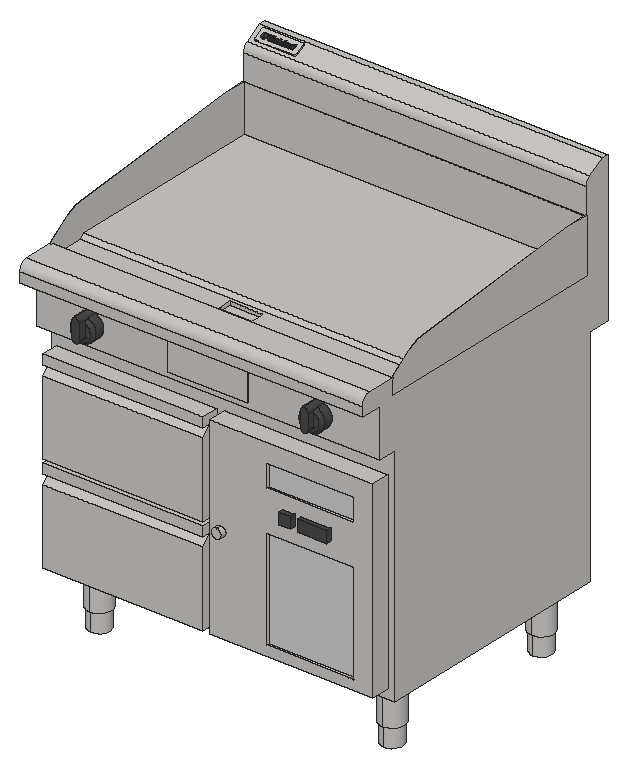
Revit family "QF_MOFFAT WALDORF_GP8900E-RB", category Specialty Equipment, Revit 2012
Parameters
  Weight in Pounds = 348.33  # constant formula
  Width [instance] = 900.00 mm  # constant formula
  Watts = 12000 W
  Volts = 415 V
  URL Cutsheet = "www.moffat.com"
  URL = "www.moffat.com"
  Type Mark [instance] = ""
  Status [instance] = ""
  Specification by User [instance] = ""
  Specification by Manufacturer = ""
  Show Logo [instance] = yes
  Show Door [instance] = no
  Show Clearance [instance] = yes
  Show Casters [instance] = no
  Serial Number = ""
  Seismic Rating = ""
  SMACNA No = ""
  Revision Code [instance] = ""
  Refrigerant Type = "R134a"
  Phase = 3
  Omniclass Number and Title = ""
  Number of Poles = 1
  NAFEM Spec ID Number = ""
  Model = "GP8900E-RB"
  Min Ckt Ampacity = 0 A
  Max Overcurrent Protection = 0 A
  Masterspec = ""
  Manufacturer = "MOFFAT WALDORF"
  Legs [instance] = not(Show Casters)  # yes
  Item Number [instance] = ""
  Installed By [instance] = ""
  Identify Quantity as Lot [instance] = yes
  Height = 1130.00 mm  # constant formula
  HP = ""
  Furnished By [instance] = ""
  Foodservice Equipment Identifier [instance] = yes
  FL Amps = 16.6 A
  Elec Conn RI Height = 0.00 mm
  Elec Conn Connection Height = 0.00 mm
  Drawer Clearance [instance] = and(Show Clearance, and(Drawer))  # yes
  Drawer [instance] = not(Show Door)  # yes
  Door Clearance [instance] = and(Show Clearance, and(Show Door))  # no
  Description = "GRIDDLE PLATE ELECTRIC ON REFRIGERATED BASE"
  Depth [instance] = 805.00 mm  # constant formula
  Cycle = 50 Hz
  Conn Plug = ""
  Conn Conduit = yes
  CSI MasterFormat = ""
  CSI Master Format = ""
  Back Splash [instance] = 215.00 mm  # constant formula
  Apparent Power = if(Phase = 3, Volts * FL Amps * 1.73, Volts * FL Amps)  # 11918 VA
Reference planes
  plane 1 "BACK": y = 0
  plane 2: z = 0
  plane 3 "LEFT": x = 0
  plane 4 "RIGHT": x = 900
  plane 5 "FRONT": y = -805
  plane 6 "TOP": z = 1130
  plane 7 "Center Y": x = 450
  plane 8 "Center X": y = -402.5
  plane 9 "Base Height": z = 150
  plane 10: z = 915
  plane 11: x = 65
  plane 12: x = 834
  plane 13: y = -625
  plane 14: x = 770
  plane 15: y = -32
  plane 16: z = 174
  plane 17: x = 617
  plane 18: z = 710
  plane 19: y = -135
Forms (mm)
  Extrusion 1, solid, material "QF_Finishes_Stainless Steel"
    sketch origin (0, 0, 0) x (0, 1, 0) y (0, 0, 1)
      loop
        line (-805, 891) -> (-805, 866) -> (-749, 866) -> (-749, 740) -> (-699, 740) -> (-699, 150) -> (-59, 150) -> (-59, 740) -> (0, 740) -> (0, 1130) -> (-16.5, 1130) -> (-58, 1106.04)
        arc (-58, 1106.04) -> (-66.785, 1097.255) -> (-70, 1085.255) r 24
        line (-70, 1085.255) -> (-70, 875) -> (-705, 875) -> (-705, 915) -> (-781, 915)
        arc (-781, 915) -> (-797.971, 907.971) -> (-805, 891) r 24
    from 0 to 900
  Revolve 2, solid, material "QF_Finishes_Stainless Steel", visible <- "Legs"
    sketch origin (834, -245, 0) x (0, 1, 0) y (0, 0, -1)
      loop
        line (78.25, -150) -> (110, -150) -> (110, 0) -> (82.5, 0) -> (82.5, -50) -> (78.25, -50) -> (78.25, -150)
      axis (110, -150) -> (110, 0)
    angle from 0 to 360
  Revolve 3, solid, material "QF_Finishes_Stainless Steel"
    sketch origin (834, -735, 0) x (0, 1, 0) y (0, 0, -1)
      loop
        line (78.25, -150) -> (110, -150) -> (110, 0) -> (82.5, 0) -> (82.5, -50) -> (78.25, -50) -> (78.25, -150)
      axis (110, -150) -> (110, 0)
    angle from 0 to 360
  Revolve 4, solid, material "QF_Finishes_Stainless Steel", visible <- "Legs"
    sketch origin (65, -245, 0) x (0, 1, 0) y (0, 0, -1)
      loop
        line (78.25, -150) -> (110, -150) -> (110, 0) -> (82.5, 0) -> (82.5, -50) -> (78.25, -50) -> (78.25, -150)
      axis (110, -150) -> (110, 0)
    angle from 0 to 360
  Revolve 5, solid, material "QF_Finishes_Stainless Steel"
    sketch origin (65, -735, 0) x (0, 1, 0) y (0, 0, -1)
      loop
        line (78.25, -150) -> (110, -150) -> (110, 0) -> (82.5, 0) -> (82.5, -50) -> (78.25, -50) -> (78.25, -150)
      axis (110, -150) -> (110, 0)
    angle from 0 to 360
  Revolve 6, solid, material "QF_Finishes_Black"
    sketch origin (150, 0, 602.373) x (0, 1, 0) y (0, 0, -1)
      loop
        line (-782, -229.5) -> (-759, -229.5) -> (-759, -202) -> (-749, -202) -> (-749, -197) -> (-793, -197) -> (-793, -223.651) -> (-782, -229.5)
      axis (-793, -197) -> (-749, -197)
    angle from 0 to 360
  Extrusion 7, solid, material "QF_Finishes_Black"
    sketch origin (288.27, 0, 602.531) x (-1, 0, 0) y (0, 0, -1)
      loop
        arc (148.269, -184.969) -> (138.269, -174.969) -> (128.269, -184.969) r 10
        line (128.269, -184.969) -> (128.269, -223.969)
        arc (128.269, -223.969) -> (138.269, -233.969) -> (148.269, -223.969) r 10
        line (148.269, -223.969) -> (148.269, -184.969)
    from 759 to 808
  Extrusion 8, solid, material "QF_Finishes_Stainless Steel"
    sketch origin (-295, -749, 866) x (0, 0, -1) y (1, 0, 0)
      loop
        line (24, 640) -> (111, 640) -> (111, 850) -> (24, 850) -> (24, 640)
    from 0 to 2.5
  Extrusion 9, solid, material "QF_Finishes_Stainless Steel"
    sketch origin (-295, -751.5, 866) x (0, 0, -1) y (1, 0, 0)
      loop
        line (31, 850) -> (24, 850) -> (24, 640) -> (31, 640) -> (31, 850)
    from 0 to 5
  Extrusion 10, solid, material "QF_Finishes_Stainless Steel"
    sketch origin (0, 0, 740) x (-1, 0, 0) y (0, 1, 0)
      loop
        circle (-770, -32) r 13.5
    from 0 to 30
  Revolve 11, solid, material "QF_Finishes_Black"
    sketch origin (750, 0, 602.373) x (0, 1, 0) y (0, 0, 1)
      loop
        line (-782, 229.5) -> (-793, 223.651) -> (-793, 197) -> (-749, 197) -> (-749, 202) -> (-759, 202) -> (-759, 229.5) -> (-782, 229.5)
      axis (-793, 197) -> (-749, 197)
    angle from 0 to 360
  Extrusion 12, solid, material "QF_Finishes_Black"
    sketch origin (611.73, 0, 602.531) x (1, 0, 0) y (0, 0, 1)
      loop
        line (148.269, 184.969) -> (148.269, 223.969)
        arc (148.269, 223.969) -> (138.269, 233.969) -> (128.269, 223.969) r 10
        line (128.269, 223.969) -> (128.269, 184.969)
        arc (128.269, 184.969) -> (138.269, 174.969) -> (148.269, 184.969) r 10
    from 759 to 808
  Extrusion 13, solid, material "QF_Finishes_Stainless Steel"
    sketch origin (0, -699, 866) x (0, 0, -1) y (1, 0, 0)
      loop
        line (188, 881) -> (188, 453) -> (692, 453) -> (692, 881) -> (188, 881)
      loop
        line (667, 831) -> (402, 831) -> (402, 601) -> (667, 601) -> (667, 831)
      loop
        line (238, 831) -> (238, 601) -> (298, 601) -> (298, 831) -> (238, 831)
    from 0 to 48
  Extrusion 14, solid, material "QF_Finishes_Black"
    sketch origin (0, -747, 866) x (0, 0, -1) y (1, 0, 0)
      loop
        line (332.46, 644.926) -> (362.46, 644.926) -> (362.46, 674.926) -> (332.46, 674.926) -> (332.46, 644.926)
      loop
        line (332.46, 692.503) -> (362.46, 692.503) -> (362.46, 770.815) -> (332.46, 770.815) -> (332.46, 692.503)
    from 0 to 12.7
  Extrusion 15, solid, material "QF_Finishes_Stainless Steel"
    sketch origin (0, -747, 866) x (0, 0, -1) y (1, 0, 0)
      loop
        circle (441.229, 480.856) r 12.395
    from 0 to 12.7
  Extrusion 16, solid, material "QF_Finishes_Vents"
    sketch origin (0, -699, 866) x (0, 0, 1) y (-1, 0, 0)
      loop
        line (-298, -601) -> (-298, -831) -> (-238, -831) -> (-238, -601) -> (-298, -601)
      loop
        line (-402, -601) -> (-667, -601) -> (-667, -831) -> (-402, -831) -> (-402, -601)
    from 38.919 to -44.529
Cuts and joins
  joined: Extrusion 8, Extrusion 9
Lines and regions (mm)
  Split face 1
    outline origin (12.5, -16.5, 1130) x (0, -0.866025, -0.5) y (1, 0, 0)
      loop
        line (5.391, 151.462) -> (40.361, 151.462) -> (40.361, 169.241) -> (5.391, 169.241) -> (5.391, 151.462)
  Split face 2
    outline origin (66.25, -16.5, 1130) x (0, -0.866025, -0.5) y (1, 0, 0)
      loop
        line (5.391, 151.462) -> (40.361, 151.462) -> (40.361, 169.241) -> (5.391, 169.241) -> (5.391, 151.462)
  Split face 3
    outline origin (120, -16.5, 1130) x (0, -0.866025, -0.5) y (1, 0, 0)
      loop
        line (5.391, 151.462) -> (40.361, 151.462) -> (40.361, 169.241) -> (5.391, 169.241) -> (5.391, 151.462)
  Split face 4
    outline origin (-121.25, -16.5, 1130) x (0, -0.866025, -0.5) y (1, 0, 0)
      loop
        line (5.391, 451.462) -> (40.361, 451.462) -> (40.361, 469.241) -> (5.391, 469.241) -> (5.391, 451.462)
  Split face 5
    outline origin (-67.5, -16.5, 1130) x (0, -0.866025, -0.5) y (1, 0, 0)
      loop
        line (5.391, 451.462) -> (40.361, 451.462) -> (40.361, 469.241) -> (5.391, 469.241) -> (5.391, 451.462)
  Split face 6
    outline origin (-13.75, -16.5, 1130) x (0, -0.866025, -0.5) y (1, 0, 0)
      loop
        line (5.391, 451.462) -> (40.361, 451.462) -> (40.361, 469.241) -> (5.391, 469.241) -> (5.391, 451.462)
  Split face 7
    outline origin (40, -16.5, 1130) x (0, -0.866025, -0.5) y (1, 0, 0)
      loop
        line (5.391, 451.462) -> (40.361, 451.462) -> (40.361, 469.241) -> (5.391, 469.241) -> (5.391, 451.462)
  Split face 8
    outline origin (95, -16.5, 1130) x (0, -0.866025, -0.5) y (1, 0, 0)
      loop
        line (5.391, 451.462) -> (40.361, 451.462) -> (40.361, 469.241) -> (5.391, 469.241) -> (5.391, 451.462)
  Split face 9
    outline origin (150, -16.5, 1130) x (0, -0.866025, -0.5) y (1, 0, 0)
      loop
        line (5.391, 451.462) -> (40.361, 451.462) -> (40.361, 469.241) -> (5.391, 469.241) -> (5.391, 451.462)
  Split face 10
    outline origin (205, -16.5, 1130) x (0, -0.866025, -0.5) y (1, 0, 0)
      loop
        line (5.391, 451.462) -> (40.361, 451.462) -> (40.361, 469.241) -> (5.391, 469.241) -> (5.391, 451.462)
  symbolic lines
    curve 1: line (0, 0, 0) -> (0, -805, 0)
    curve 2: line (900, 0, 0) -> (0, 0, 0)
    curve 3: line (900, -805, 0) -> (900, 0, 0)
    curve 4: line (0, -70, 0) -> (900, -70, 0)
    curve 5: line (0, -805, 0) -> (900, -805, 0)
    curve 6: line (12.5, -20.958, 0) -> (121.5, -20.958, 0)
    curve 7: line (12.5, -51.234, 0) -> (12.5, -20.958, 0)
    curve 8: line (121.5, -20.958, 0) -> (121.5, -51.234, 0)
    curve 9: line (12.5, -51.234, 0) -> (121.5, -51.234, 0)
    curve 10: line (181.741, -21.168, 0) -> (181.741, -51.453, 0)
    curve 11: line (181.741, -51.453, 0) -> (163.962, -51.453, 0)
    curve 12: line (163.962, -51.453, 0) -> (163.962, -21.168, 0)
    curve 13: line (163.962, -21.168, 0) -> (181.741, -21.168, 0)
    curve 14: line (217.712, -51.453, 0) -> (217.712, -21.168, 0)
    curve 15: line (217.712, -21.168, 0) -> (235.491, -21.168, 0)
    curve 16: line (235.491, -21.168, 0) -> (235.491, -51.453, 0)
    curve 17: line (235.491, -51.453, 0) -> (217.712, -51.453, 0)
    curve 18: line (271.462, -51.453, 0) -> (271.462, -21.168, 0)
    curve 19: line (271.462, -21.168, 0) -> (289.241, -21.168, 0)
    curve 20: line (289.241, -21.168, 0) -> (289.241, -51.453, 0)
    curve 21: line (289.241, -51.453, 0) -> (271.462, -51.453, 0)
    curve 22: line (330.212, -51.453, 0) -> (330.212, -21.168, 0)
    curve 23: line (330.212, -21.168, 0) -> (347.991, -21.168, 0)
    curve 24: line (347.991, -21.168, 0) -> (347.991, -51.453, 0)
    curve 25: line (347.991, -51.453, 0) -> (330.212, -51.453, 0)
    curve 26: line (383.962, -51.453, 0) -> (401.741, -51.453, 0)
    curve 27: line (401.741, -51.453, 0) -> (401.741, -21.168, 0)
    curve 28: line (401.741, -21.168, 0) -> (383.962, -21.168, 0)
    curve 29: line (383.962, -21.168, 0) -> (383.962, -51.453, 0)
    curve 30: line (437.712, -51.453, 0) -> (455.491, -51.453, 0)
    curve 31: line (455.491, -51.453, 0) -> (455.491, -21.168, 0)
    curve 32: line (455.491, -21.168, 0) -> (437.712, -21.168, 0)
    curve 33: line (437.712, -21.168, 0) -> (437.712, -51.453, 0)
    curve 34: line (491.462, -51.453, 0) -> (509.241, -51.453, 0)
    curve 35: line (509.241, -51.453, 0) -> (509.241, -21.168, 0)
    curve 36: line (509.241, -21.168, 0) -> (491.462, -21.168, 0)
    curve 37: line (491.462, -21.168, 0) -> (491.462, -51.453, 0)
    curve 38: line (546.462, -51.453, 0) -> (564.241, -51.453, 0)
    curve 39: line (564.241, -51.453, 0) -> (564.241, -21.168, 0)
    curve 40: line (564.241, -21.168, 0) -> (546.462, -21.168, 0)
    curve 41: line (546.462, -21.168, 0) -> (546.462, -51.453, 0)
    curve 42: line (601.462, -51.453, 0) -> (619.241, -51.453, 0)
    curve 43: line (619.241, -51.453, 0) -> (619.241, -21.168, 0)
    curve 44: line (619.241, -21.168, 0) -> (601.462, -21.168, 0)
    curve 45: line (601.462, -21.168, 0) -> (601.462, -51.453, 0)
    curve 46: line (656.462, -51.453, 0) -> (674.241, -51.453, 0)
    curve 47: line (674.241, -51.453, 0) -> (674.241, -21.168, 0)
    curve 48: line (674.241, -21.168, 0) -> (656.462, -21.168, 0)
    curve 49: line (656.462, -21.168, 0) -> (656.462, -51.453, 0)
Dimensions and locks
  equal spacing: plane 3 "LEFT", plane 7 "Center Y", plane 4 "RIGHT"
  "Width": plane 3 "LEFT" to plane 4 "RIGHT"
  equal spacing: plane 5 "FRONT", plane 8 "Center X", plane 1 "BACK"
  "Depth": plane 5 "FRONT" to plane 1 "BACK"
  locked: plane 10 to level at 915
  locked: plane 9 "Base Height" to level at 150
  plane 6 "TOP" to plane 10 = 215.00 mm
  "Height": plane 6 "TOP" to level
  plane 14 to plane 4 "RIGHT" = 130.00 mm
  plane 15 to plane 1 "BACK" = 32.00 mm
  plane 17 to plane 4 "RIGHT" = 283.00 mm
  plane 18 to level = 710.00 mm
  plane 13 to plane 19 = 490.00 mm
  aligned and locked: level to plane 2
Automatic sketch dimensions
  plane 1 "BACK" to curve 1 = 0.00 mm
  curve 1 to plane 3 "LEFT" = 0.00 mm
  curve 2 to plane 4 "RIGHT" = 0.00 mm
  plane 5 "FRONT" to curve 5 = 0.00 mm
  plane 3 "LEFT" to curve 6 = 12.50 mm
  curve 9 to plane 15 = 19.234 mm
  plane 11 to curve 9 = 56.50 mm
  plane 15 to curve 12 = 10.832 mm
  curve 6 to curve 12 = 42.462 mm
  curve 12 to curve 13 = 17.779 mm
  curve 10 to curve 14 = 35.971 mm
  curve 14 to curve 15 = 17.779 mm
  plane 15 to curve 19 = 10.832 mm
  curve 15 to curve 19 = 35.971 mm
  curve 18 to curve 20 = 17.779 mm
  curve 22 to plane 15 = 19.453 mm
  curve 20 to curve 22 = 40.971 mm
  curve 22 to curve 24 = 17.779 mm
  plane 15 to curve 29 = 10.832 mm
  curve 23 to curve 29 = 35.971 mm
  curve 28 to curve 27 = 17.779 mm
  curve 33 to plane 7 "Center Y" = 12.288 mm
  plane 7 "Center Y" to curve 31 = 5.491 mm
  plane 15 to curve 36 = 10.832 mm
  curve 31 to curve 36 = 35.971 mm
  curve 36 to curve 36 = 17.779 mm
  plane 15 to curve 40 = 10.832 mm
  curve 35 to curve 40 = 37.221 mm
  curve 40 to curve 40 = 17.779 mm
  curve 38 to curve 45 = 37.221 mm
  curve 44 to curve 43 = 17.779 mm
  plane 15 to curve 48 = 10.832 mm
  curve 43 to curve 48 = 37.221 mm
  curve 48 to curve 48 = 17.779 mm
  curve 4 to curve 7 = 18.766 mm
  curve 46 to plane 15 = 19.453 mm
  curve 45 to plane 15 = 19.453 mm
  curve 41 to plane 15 = 19.453 mm
  curve 37 to plane 15 = 19.453 mm
  curve 10 to plane 15 = 19.453 mm
  curve 14 to plane 15 = 19.453 mm
  curve 33 to plane 15 = 19.453 mm
  curve 18 to plane 15 = 19.453 mm
  curve 29 to plane 15 = 19.453 mm
  plane 15 to curve 16 = 10.832 mm
  plane 15 to curve 22 = 10.832 mm
  plane 15 to curve 32 = 10.832 mm
  plane 15 to curve 43 = 10.832 mm
  plane 15 to curve 7 = 11.042 mm
  Revolve 2 sketch curve to plane 9 "Base Height" = 0.00 mm
  Revolve 2 sketch curve to level = 0.00 mm
  level to Revolve 2 sketch curve = 50.00 mm
  Revolve 2 sketch curve to Revolve 2 sketch curve = 0.00 mm
  Revolve 2 sketch curve to Revolve 2 sketch curve = 55.00 mm
  Revolve 3 sketch curve to plane 9 "Base Height" = 0.00 mm
  Revolve 3 sketch curve to level = 0.00 mm
  Revolve 3 sketch curve to plane 13 = 0.00 mm  (x2)
  Revolve 3 sketch curve to plane 13 = 27.50 mm
  Revolve 3 sketch curve to plane 13 = 31.75 mm
  level to Revolve 3 sketch curve = 50.00 mm
  Revolve 3 sketch curve to Revolve 3 sketch curve = 0.00 mm
  Revolve 3 sketch curve to Revolve 3 sketch curve = 55.00 mm
  Revolve 4 sketch curve to plane 9 "Base Height" = 0.00 mm
  Revolve 4 sketch curve to level = 0.00 mm
  level to Revolve 4 sketch curve = 50.00 mm
  Revolve 4 sketch curve to Revolve 4 sketch curve = 0.00 mm
  Revolve 4 sketch curve to Revolve 4 sketch curve = 55.00 mm
  Revolve 5 sketch curve to plane 9 "Base Height" = 0.00 mm
  Revolve 5 sketch curve to level = 0.00 mm
  Revolve 5 sketch curve to plane 13 = 0.00 mm  (x2)
  Revolve 5 sketch curve to plane 13 = 27.50 mm
  Revolve 5 sketch curve to plane 13 = 31.75 mm
  level to Revolve 5 sketch curve = 50.00 mm
  Revolve 5 sketch curve to Revolve 5 sketch curve = 0.00 mm
  Revolve 5 sketch curve to Revolve 5 sketch curve = 55.00 mm
  Extrusion 1 to Split face 1 sketch curve = 5.391 mm
  Split face 1 sketch curve to Extrusion 1 = 7.559 mm
  Split face 1 sketch curve to Extrusion 1 = 163.962 mm
  Split face 1 sketch curve to Split face 1 sketch curve = 17.779 mm
  Extrusion 1 to Split face 2 sketch curve = 5.391 mm
  Split face 2 sketch curve to Extrusion 1 = 7.559 mm
  Split face 2 sketch curve to Extrusion 1 = 217.712 mm
  Split face 2 sketch curve to Split face 2 sketch curve = 17.779 mm
  Extrusion 1 to Split face 3 sketch curve = 5.391 mm
  Split face 3 sketch curve to Extrusion 1 = 7.559 mm
  Split face 3 sketch curve to Extrusion 1 = 271.462 mm
  Split face 3 sketch curve to Split face 3 sketch curve = 17.779 mm
  Extrusion 1 to Split face 4 sketch curve = 5.391 mm
  Split face 4 sketch curve to Extrusion 1 = 7.559 mm
  Split face 4 sketch curve to Extrusion 1 = 330.212 mm
  Split face 4 sketch curve to Split face 4 sketch curve = 17.779 mm
  Extrusion 1 to Split face 5 sketch curve = 5.391 mm
  Split face 5 sketch curve to Extrusion 1 = 7.559 mm
  Split face 5 sketch curve to Extrusion 1 = 383.962 mm
  Split face 5 sketch curve to Split face 5 sketch curve = 17.779 mm
  Extrusion 1 to Split face 6 sketch curve = 5.391 mm
  Split face 6 sketch curve to Extrusion 1 = 7.559 mm
  Split face 6 sketch curve to Extrusion 1 = 437.712 mm
  Split face 6 sketch curve to Split face 6 sketch curve = 17.779 mm
  Extrusion 1 to Split face 7 sketch curve = 5.391 mm
  Split face 7 sketch curve to Extrusion 1 = 7.559 mm
  Split face 7 sketch curve to Extrusion 1 = 408.538 mm
  Split face 7 sketch curve to Split face 7 sketch curve = 17.779 mm
  Revolve 6 sketch curve to plane 5 "FRONT" = 12.00 mm
  Revolve 6 sketch curve to Revolve 6 sketch curve = 0.00 mm  (x2)
  Revolve 6 sketch curve to Revolve 6 sketch curve = 11.00 mm
  Revolve 6 sketch curve to Revolve 6 sketch curve = 12.70 mm
  Revolve 6 sketch curve to Revolve 6 sketch curve = 23.00 mm
  Revolve 6 sketch curve to Revolve 6 sketch curve = 10.00 mm
  Revolve 6 sketch curve to plane 10 = 83.127 mm
  Revolve 6 sketch curve to Revolve 6 sketch curve = 5.849 mm
  Revolve 6 sketch curve to Revolve 6 sketch curve = 27.50 mm
  Revolve 6 sketch curve to Revolve 6 sketch curve = 5.00 mm
  plane 11 to Extrusion 7 sketch curve = 95.001 mm
  Extrusion 7 sketch curve to Extrusion 7 sketch curve = 10.00 mm
  Extrusion 7 sketch curve to plane 10 = 88.50 mm
  Extrusion 7 sketch curve to Extrusion 7 sketch curve = 39.00 mm
  Extrusion 1 to Extrusion 8 sketch curve = 24.00 mm
  Extrusion 8 sketch curve to Extrusion 1 = 15.00 mm
  Extrusion 1 to Extrusion 8 sketch curve = 345.00 mm
  Extrusion 8 sketch curve to Extrusion 8 sketch curve = 210.00 mm
  Extrusion 9 sketch curve to Extrusion 8 = 0.00 mm  (x2)
  Extrusion 8 to Extrusion 9 sketch curve = 0.00 mm
  Extrusion 9 sketch curve to Extrusion 8 = 7.00 mm
  Revolve 11 sketch curve to plane 5 "FRONT" = 12.00 mm
  Revolve 11 sketch curve to Revolve 11 sketch curve = 0.00 mm  (x2)
  Revolve 11 sketch curve to Revolve 11 sketch curve = 11.00 mm
  Revolve 11 sketch curve to Revolve 11 sketch curve = 12.70 mm
  Revolve 11 sketch curve to Revolve 11 sketch curve = 23.00 mm
  Revolve 11 sketch curve to Revolve 11 sketch curve = 10.00 mm
  Revolve 11 sketch curve to plane 10 = 115.627 mm
  Revolve 11 sketch curve to Revolve 11 sketch curve = 5.00 mm
  Revolve 11 sketch curve to Revolve 11 sketch curve = 26.651 mm
  Revolve 11 sketch curve to Revolve 11 sketch curve = 5.849 mm
  Extrusion 12 sketch curve to plane 14 = 30.001 mm
  Extrusion 12 sketch curve to Extrusion 12 sketch curve = 10.00 mm
  Extrusion 12 sketch curve to plane 10 = 127.50 mm
  Extrusion 12 sketch curve to Extrusion 12 sketch curve = 39.00 mm
  Extrusion 1 to Split face 8 sketch curve = 5.391 mm
  Split face 8 sketch curve to Extrusion 1 = 7.559 mm
  Split face 8 sketch curve to Extrusion 1 = 353.538 mm
  Split face 8 sketch curve to Split face 8 sketch curve = 17.779 mm
  Extrusion 1 to Split face 9 sketch curve = 5.391 mm
  Split face 9 sketch curve to Extrusion 1 = 7.559 mm
  Split face 9 sketch curve to Extrusion 1 = 298.538 mm
  Split face 9 sketch curve to Split face 9 sketch curve = 17.779 mm
  Extrusion 1 to Split face 10 sketch curve = 5.391 mm
  Split face 10 sketch curve to Extrusion 1 = 7.559 mm
  Split face 10 sketch curve to Extrusion 1 = 243.538 mm
  Split face 10 sketch curve to Split face 10 sketch curve = 17.779 mm
  Extrusion 13 sketch curve to plane 16 = 0.00 mm
  Extrusion 13 sketch curve to plane 16 = 25.00 mm
  plane 12 to Extrusion 13 sketch curve = 3.00 mm  (x2)
  plane 7 "Center Y" to Extrusion 13 sketch curve = 151.00 mm
  Extrusion 13 sketch curve to Extrusion 13 sketch curve = 0.00 mm
  plane 7 "Center Y" to Extrusion 13 sketch curve = 3.00 mm
  plane 4 "RIGHT" to Extrusion 13 sketch curve = 19.00 mm
  Extrusion 14 sketch curve to Extrusion 13 = 34.46 mm  (x2)
  Extrusion 14 sketch curve to Extrusion 14 sketch curve = 30.00 mm  (x2)
  Extrusion 14 sketch curve to Extrusion 14 sketch curve = 0.00 mm
  Extrusion 13 to Extrusion 14 sketch curve = 43.926 mm
  Extrusion 14 sketch curve to Extrusion 14 sketch curve = 17.577 mm
  Extrusion 13 to Extrusion 14 sketch curve = 60.185 mm
  Extrusion 13 to Extrusion 15 sketch curve = 39.229 mm
  Extrusion 15 sketch curve to Extrusion 13 = 27.856 mm
  Extrusion 16 sketch curve to Extrusion 1 = 49.00 mm
  Extrusion 1 to Extrusion 16 sketch curve = 69.00 mm  (x2)
  Extrusion 16 sketch curve to Extrusion 16 sketch curve = 265.00 mm
  Extrusion 16 sketch curve to Extrusion 16 sketch curve = 104.00 mm
  Extrusion 16 sketch curve to Extrusion 16 sketch curve = 60.00 mm
  Extrusion 16 sketch curve to Extrusion 16 sketch curve = 230.00 mm
  Extrusion 16 sketch curve to Extrusion 16 sketch curve = 0.00 mm
  Extrusion 1 sketch curve to plane 5 "FRONT" = 0.00 mm
  Extrusion 1 sketch curve to plane 10 = 0.00 mm
  Extrusion 1 sketch curve to plane 6 "TOP" = 0.00 mm
  Extrusion 1 sketch curve to plane 1 "BACK" = 0.00 mm
  Extrusion 1 sketch curve to plane 5 "FRONT" = 24.00 mm
  Extrusion 1 sketch curve to plane 5 "FRONT" = 56.00 mm
  Extrusion 1 sketch curve to Extrusion 1 sketch curve = 44.00 mm
  Extrusion 1 sketch curve to Extrusion 1 sketch curve = 50.00 mm
  Extrusion 1 sketch curve to Extrusion 1 sketch curve = 12.00 mm
  Extrusion 1 sketch curve to plane 15 = 14.00 mm
  plane 15 to Extrusion 1 sketch curve = 15.50 mm
  Extrusion 1 sketch curve to Extrusion 1 sketch curve = 25.00 mm
  Extrusion 1 sketch curve to plane 10 = 40.00 mm
  Extrusion 1 sketch curve to plane 6 "TOP" = 44.745 mm
  Extrusion 1 sketch curve to plane 9 "Base Height" = 0.00 mm
  Extrusion 1 sketch curve to Extrusion 1 sketch curve = 135.00 mm  (x2)
  Extrusion 13 sketch curve to Extrusion 13 sketch curve = 265.00 mm
  Extrusion 13 sketch curve to Extrusion 13 sketch curve = 104.00 mm
  Extrusion 13 sketch curve to Extrusion 13 sketch curve = 60.00 mm
  Extrusion 13 sketch curve to Extrusion 13 sketch curve = 50.00 mm
  Extrusion 10 sketch curve to Extrusion 1 = 27.00 mm
  Extrusion 10 sketch curve to Extrusion 1 = 130.00 mm
  Extrusion 1 sketch curve to Extrusion 1 sketch curve = 24.00 mm
  Extrusion 1 sketch curve to plane 15 = 27.00 mm
  Revolve 2 sketch curve to plane 15 = 134.75 mm
  Revolve 2 sketch curve to Revolve 2 sketch curve = 4.25 mm
  Revolve 2 sketch curve to Revolve 2 sketch curve = 27.50 mm  (x2)
  Revolve 4 sketch curve to plane 15 = 134.75 mm
  Revolve 4 sketch curve to Revolve 4 sketch curve = 4.25 mm
  Revolve 4 sketch curve to Revolve 4 sketch curve = 27.50 mm  (x2)
  radius of Extrusion 15 sketch curve = 12.395 mm
  radius of Extrusion 10 sketch curve = 13.50 mm
Nested families
  nested 1: "GP8900E-RB-CASTERS" at (65, -162.5, 0), Show Casters <- "Show Casters", visible <- "Show Casters", type "GP8600E-RB-CASTERS"
    with Type Mark "", Status "", Specification by User "", Show Casters no, Revision Code "", Item Number "", Installed By "", Identify Quantity as Lot yes, Furnished By "", Foodservice Equipment Identifier yes
  nested 2: "GP8900E-RB-CASTERS" at (835, -162.5, 0), Show Casters <- "Show Casters", visible <- "Show Casters", type "GP8600E-RB-CASTERS"
    with Type Mark "", Status "", Specification by User "", Show Casters no, Revision Code "", Item Number "", Installed By "", Identify Quantity as Lot yes, Furnished By "", Foodservice Equipment Identifier yes
  nested 3: "GAS GRIDDLE PLATE" at (0, -70, 875), type "GAS GRIDDLE PLATE"
    with Type Mark "", Status "", Specification by User "", Show Clearance yes, Revision Code "", Number of Poles 1, Mechanical Remarks "", Mechanical Connection Type "", Item Number "", Installed By "", Identify Quantity as Lot yes, Gas RI Height 0.00 mm, Gas KW 0, Gas Input 0.0 Btu/h, Furnished By "", Foodservice Equipment Identifier yes, Electrical Remarks "", Electric Connection Type "", Elec Conn RI Height 0.00 mm, Elec Conn Connection Height 0.00 mm
  nested 4: "GP8900G-RB-DOOR AND DRAWER" at (15, -702.18, 174), Show Door <- "Show Door", Show Drawer <- "Drawer", Drawer Clearance <- "Drawer Clearance", Door Clearance <- "Door Clearance", type "GP8900G-RB-DOOR AND DRAWER"
    with Type Mark "", Status "", Specification by User "", Show Drawer yes, Show Door no, Revision Code "", Item Number "", Installed By "", Identify Quantity as Lot yes, Furnished By "", Foodservice Equipment Identifier yes, Drawer Clearance yes, Door Clearance no
  nested 5: "WALDORF LOGO_FACE BASE" at (12.5, -21.903, 1126.881) x (1, 0, 0) z (0, -0.5, 0.866), visible <- "Show Logo", type "WALDORF LOGO_FACE BASE", detail levels medium+fine
    with Show Logo yes
Connectors
  electrical at (770, -32, 710), driven by "Volts", driven by "Watts"
    settings: on Extrusion 10, index 1, voltage 415 V, apparent load 12000 VA, apparent load phase1 0 VA, apparent load phase2 0 VA, apparent load phase3 0 VA, power factor 1, load classification "Other", number of poles 1, system type 30, power factor state 1, is connector primary yes, connector utility no, sub classification motor no, connector description "ELECTRICAL CONNECTION"
Definition of nested family "GAS GRIDDLE PLATE"
  Parameters (values of type "GAS GRIDDLE PLATE")
    Weight in Pounds = 0
    Watts = 0 W
    Volts = 0 V
    URL Cutsheet = ""
    Type Mark [instance] = ""
    Status [instance] = ""
    Specification by User [instance] = ""
    Specification by Manufacturer = ""
    Show Clearance [instance] = yes
    Serial Number = ""
    Seismic Rating = ""
    SMACNA No = ""
    Revision Code [instance] = ""
    Phase = 1
    Omniclass Number and Title = ""
    Number of Poles [instance] = 1
    NAFEM Spec ID Number = ""
    Min Ckt Ampacity = 0 A
    Mechanical Remarks [instance] = ""
    Mechanical Connection Type [instance] = ""
    Max Overcurrent Protection = 0 A
    Masterspec = ""
    Item Number [instance] = ""
    Installed By [instance] = ""
    Identify Quantity as Lot [instance] = yes
    HP = ""
    Gas Size = 0"
    Gas RI Height [instance] = 0.00 mm
    Gas KW [instance] = 0
    Gas Input [instance] = 0.0 Btu/h
    Gas Connection Height = 0.00 mm
    Furnished By [instance] = ""
    Foodservice Equipment Identifier [instance] = yes
    FL Amps = 0 A
    Electrical Remarks [instance] = ""
    Electric Connection Type [instance] = ""
    Elec Conn RI Height [instance] = 0.00 mm
    Elec Conn Connection Height [instance] = 0.00 mm
    Cycle = 0 Hz
    Conn Plug = ""
    Conn Conduit = yes
    CSI MasterFormat = ""
    CSI Master Format = ""
    Apparent Power = if(Phase = 3, Volts * FL Amps * 1.73, Volts * FL Amps)  # 0 VA
  Reference planes
    plane 1 "BACK": y = 0
    plane 2: z = 0
    plane 3 "LEFT": x = 0
    plane 4 "RIGHT": x = 900
    plane 5 "FRONT": y = -634.4
    plane 6 "TOP": z = 142.5
    plane 7 "Center Y": x = 450
    plane 8 "Center X": y = -317.2
  Forms (mm)
    Extrusion 1, solid, material "QF_Finishes_Stainless Steel"
      sketch origin (0, 70.003, -875) x (0, 1, 0) y (0, 0, 1)
        loop
          line (-70, 875) -> (-70, 1017.5) -> (-126.948, 1017.5) -> (-604.433, 971.523)
          arc (-604.433, 971.523) -> (-629.46, 965.803) -> (-652.206, 953.899) r 100
          line (-652.206, 953.899) -> (-704.403, 917.35) -> (-704.403, 875) -> (-70, 875)
      from 0 to 1.8
    Extrusion 2, solid, material "QF_Finishes_Stainless Steel"
      sketch origin (150, 70.003, -875) x (0, 1, 0) y (0, 0, 1)
        loop
          line (-70, 895) -> (-601, 895) -> (-611.5, 884.5) -> (-704.403, 884.5) -> (-704.403, 875) -> (-70, 875) -> (-70, 895)
      from -148.2 to 748.2
    Extrusion 3, void
      sketch origin (150, -541.497, 9.5) x (0, -1, 0) y (1, 0, 0)
        loop
          line (10, 344.25) -> (10, 255.75) -> (48.5, 255.75) -> (48.5, 344.25) -> (10, 344.25)
      from -41.4 to 40.142
    Extrusion 4, solid, material "QF_Finishes_Stainless Steel"
      sketch origin (150, 0.003, 211.074) x (0, 0, -1) y (1, 0, 0)
        loop
          line (68.574, -148.2) -> (191.074, -148.2) -> (191.074, 748.2) -> (68.574, 748.2) -> (68.574, -148.2)
      from 0 to 1.683
    Extrusion 5, solid, material "QF_Finishes_Stainless Steel"
      sketch origin (900, 70.003, -875) x (0, 1, 0) y (0, 0, -1)
        loop
          line (-70, -875) -> (-704.403, -875) -> (-704.403, -917.35) -> (-652.206, -953.899)
          arc (-652.206, -953.899) -> (-629.46, -965.803) -> (-604.433, -971.523) r 100
          line (-604.433, -971.523) -> (-126.948, -1017.5) -> (-70, -1017.5) -> (-70, -875)
      from 0 to 1.8
  Cuts and joins
    Extrusion 3 cuts Extrusion 2
  Lines and regions (mm)
    symbolic lines
      curve 1: line (898.8, -530.997, 0) -> (1.8, -530.997, 0)
      curve 2: line (1.8, -541.497, 0) -> (898.8, -541.497, 0)
      curve 3: line (405.75, -551.497, 0) -> (405.75, -589.997, 0)
      curve 4: line (405.75, -589.997, 0) -> (494.25, -589.997, 0)
      curve 5: line (494.25, -589.997, 0) -> (494.25, -551.497, 0)
      curve 6: line (494.25, -551.497, 0) -> (405.75, -551.497, 0)
      curve 7: line (1.8, -1.68, 0) -> (898.8, -1.68, 0)
      curve 8: line (898.8, -1.68, 0) -> (898.8, -634.4, 0)
      curve 9: line (1.8, -634.4, 0) -> (1.8, -1.68, 0)
      curve 10: line (1.8, -634.4, 0) -> (898.8, -634.4, 0)
  Dimensions and locks
    equal spacing: plane 3 "LEFT", plane 7 "Center Y", plane 4 "RIGHT"
    plane 3 "LEFT" to plane 4 "RIGHT" = 900.00 mm
    equal spacing: plane 5 "FRONT", plane 8 "Center X", plane 1 "BACK"
    plane 5 "FRONT" to plane 1 "BACK" = 634.40 mm
    aligned and locked: level to plane 2
  Automatic sketch dimensions
    plane 5 "FRONT" to curve 10 = 0.00 mm
    plane 3 "LEFT" to curve 10 = 1.80 mm
    curve 4 to plane 5 "FRONT" = 44.403 mm
    plane 4 "RIGHT" to curve 4 = 494.25 mm
    plane 4 "RIGHT" to curve 5 = 405.75 mm
    plane 4 "RIGHT" to curve 8 = 1.20 mm
    curve 3 to curve 3 = 38.50 mm
    curve 2 to plane 5 "FRONT" = 92.903 mm
    curve 2 to curve 1 = 10.50 mm
    plane 1 "BACK" to curve 9 = 1.68 mm
    Extrusion 1 sketch curve to level = 0.00 mm
    Extrusion 1 sketch curve to plane 5 "FRONT" = 0.00 mm
    Extrusion 1 sketch curve to plane 6 "TOP" = 0.00 mm
    Extrusion 1 sketch curve to plane 5 "FRONT" = 52.197 mm
    Extrusion 1 sketch curve to Extrusion 1 sketch curve = 47.773 mm
    Extrusion 1 sketch curve to level = 3.016 mm
    Extrusion 1 sketch curve to Extrusion 1 sketch curve = 9.585 mm
    plane 1 "BACK" to Extrusion 1 sketch curve = 56.945 mm
    Extrusion 1 sketch curve to plane 1 "BACK" = 0.003 mm
    level to Extrusion 1 sketch curve = 42.35 mm
    Extrusion 1 sketch curve to plane 6 "TOP" = 63.601 mm
    Extrusion 2 sketch curve to level = 0.00 mm
    Extrusion 2 sketch curve to plane 5 "FRONT" = 0.00 mm
    level to Extrusion 2 sketch curve = 9.50 mm
    Extrusion 2 sketch curve to Extrusion 2 sketch curve = 92.903 mm
    Extrusion 2 sketch curve to Extrusion 2 sketch curve = 10.50 mm  (x2)
    Extrusion 2 sketch curve to plane 1 "BACK" = 0.003 mm
    Extrusion 2 to Extrusion 3 sketch curve = 10.00 mm
    Extrusion 3 sketch curve to Extrusion 3 sketch curve = 38.50 mm
    Extrusion 2 to Extrusion 3 sketch curve = 492.45 mm
    Extrusion 2 to Extrusion 3 sketch curve = 403.95 mm
    Extrusion 4 sketch curve to plane 6 "TOP" = 0.00 mm
    level to Extrusion 4 sketch curve = 20.00 mm
    plane 3 "LEFT" to Extrusion 4 sketch curve = 1.80 mm
    plane 7 "Center Y" to Extrusion 4 sketch curve = 448.20 mm
    Extrusion 5 sketch curve to level = 0.00 mm
    Extrusion 5 sketch curve to plane 5 "FRONT" = 0.00 mm
    Extrusion 5 sketch curve to plane 6 "TOP" = 0.00 mm
    Extrusion 5 sketch curve to plane 5 "FRONT" = 52.197 mm
    Extrusion 5 sketch curve to Extrusion 5 sketch curve = 47.773 mm
    Extrusion 5 sketch curve to level = 3.016 mm
    Extrusion 5 sketch curve to Extrusion 5 sketch curve = 57.358 mm
    plane 1 "BACK" to Extrusion 5 sketch curve = 56.945 mm
    Extrusion 5 sketch curve to plane 1 "BACK" = 0.003 mm
    Extrusion 5 sketch curve to plane 6 "TOP" = 45.977 mm
    level to Extrusion 5 sketch curve = 42.35 mm
Definition of nested family "GP8900G-RB-DOOR AND DRAWER"
  Parameters (values of type "GP8900G-RB-DOOR AND DRAWER")
    Weight in Pounds = 0
    URL Cutsheet = ""
    URL = ""
    Type Mark [instance] = ""
    Status [instance] = ""
    Specification by User [instance] = ""
    Specification by Manufacturer = ""
    Show Door [instance] = yes
    Serial Number = ""
    Seismic Rating = ""
    SMACNA No = ""
    Revision Code [instance] = ""
    Omniclass Number and Title = ""
    NAFEM Spec ID Number = ""
    Model = ""
    Masterspec = ""
    Manufacturer = ""
    Item Number [instance] = ""
    Installed By [instance] = ""
    Identify Quantity as Lot [instance] = yes
    Furnished By [instance] = ""
    Foodservice Equipment Identifier [instance] = yes
    Show Drawer [instance] = yes
    Drawer Clearance [instance] = yes
    Door Clearance [instance] = yes
    Description = ""
    CSI MasterFormat = ""
    CSI Master Format = ""
  Reference planes
    plane 1 "BACK": y = 0
    plane 2: z = 0
    plane 3 "LEFT": x = 0
    plane 4 "RIGHT": x = 420
    plane 5 "FRONT": y = -464.82
    plane 6 "TOP": z = 504
    plane 7 "Center Y": x = 210
    plane 8 "Center X": y = -232.41
    plane 9: x = 420
  Forms (mm)
    Extrusion 1, solid, material "QF_Finishes_Stainless Steel", visible <- "Show Drawer"
      sketch origin (-19, 702.18, -174) x (0, 1, 0) y (0, 0, 1)
        loop
          line (-747, 678) -> (-747, 653) -> (-722, 653) -> (-747, 628) -> (-747, 431) -> (-702.18, 431) -> (-702.18, 678) -> (-747, 678)
        loop
          line (-747, 421) -> (-747, 396) -> (-722, 396) -> (-747, 371) -> (-747, 174) -> (-702.18, 174) -> (-702.18, 421) -> (-747, 421)
      from 19 to 439
    Extrusion 2, solid, material "QF_Door-Drawer Clearances", visible <- "Drawer Clearance", detail levels coarse
      sketch origin (-19, -44.82, 257) x (0, 0, 1) y (-1, 0, 0)
        loop
          line (-257, -19) -> (-257, -439) -> (-10, -439) -> (-10, -19) -> (-257, -19)
        loop
          line (0, -19) -> (0, -439) -> (247, -439) -> (247, -19) -> (0, -19)
      from 0 to 304.8
    Extrusion 3, solid, material "QF_Finishes_Stainless Steel", visible <- "Show Door"
      sketch origin (-19, 702.18, -174) x (0, 1, 0) y (0, 0, 1)
        loop
          line (-748.15, 675.55) -> (-748.15, 658) -> (-723.95, 658) -> (-723.95, 648.15)
          arc (-723.95, 648.15) -> (-740.921, 641.121) -> (-747.95, 624.15) r 24
          line (-747.95, 624.15) -> (-747.95, 198)
          arc (-747.95, 198) -> (-740.921, 181.029) -> (-723.95, 174) r 24
          line (-723.95, 174) -> (-705.2, 174) -> (-705.2, 678) -> (-745.7, 678)
          arc (-745.7, 678) -> (-747.432, 677.282) -> (-748.15, 675.55) r 2.45
      from 19 to 439
    Extrusion 4, solid, material "QF_Door-Drawer Clearances", visible <- "Door Clearance", detail levels coarse
      sketch origin (-19, -8.47, 0) x (-1, 0, 0) y (0, 1, 0)
        loop
          line (-19, -36.35) -> (-439, -36.35)
          arc (-439, -36.35) -> (-315.985, -333.335) -> (-19, -456.35) r 420
          line (-19, -456.35) -> (-19, -36.35)
      from 0 to -504
  Lines and regions (mm)
    symbolic lines, style "QF_Door-Drawer Clearances", visible <- "Drawer Clearance"
      curve 1: line (0, -102.82, 150) -> (0, -349.62, 150)
      curve 2: line (0, -349.62, 150) -> (420, -349.62, 150)
      curve 3: line (420, -349.62, 150) -> (420, -104.62, 150)
    symbolic lines, style "QF_Door-Drawer Clearances", visible <- "Door Clearance"
      curve 4: line (58, -102.82, 150) -> (296.985, -341.805, 150)
      curve 5: arc (416.229, -100.977, 150) -> (376.388, -231.185, 150) -> (296.985, -341.805, 150) r 420
  Dimensions and locks
    equal spacing: plane 3 "LEFT", plane 7 "Center Y", plane 4 "RIGHT"
    plane 3 "LEFT" to plane 4 "RIGHT" = 420.00 mm
    equal spacing: plane 5 "FRONT", plane 8 "Center X", plane 1 "BACK"
    plane 5 "FRONT" to plane 1 "BACK" = 464.82 mm
    plane 6 "TOP" to level = 504.00 mm
    aligned and locked: level to plane 2
  Automatic sketch dimensions
    curve 2 to plane 4 "RIGHT" = 0.00 mm
    curve 5 to plane 3 "LEFT" = 0.00 mm
    curve 1 to plane 3 "LEFT" = 0.00 mm
    plane 4 "RIGHT" to curve 5 = 3.771 mm
    plane 7 "Center Y" to curve 4 = 86.985 mm
    curve 4 to curve 1 = 58.00 mm
    plane 1 "BACK" to curve 5 = 44.82 mm
    plane 1 "BACK" to curve 5 = 100.977 mm
    curve 5 to curve 4 = 58.00 mm
    curve 1 to curve 4 = 0.00 mm
    curve 5 to curve 3 = 3.643 mm
    curve 2 to plane 5 "FRONT" = 115.20 mm
    Extrusion 1 sketch curve to level = 0.00 mm
    Extrusion 1 sketch curve to plane 1 "BACK" = 0.00 mm  (x2)
    plane 1 "BACK" to Extrusion 1 sketch curve = 19.82 mm  (x2)
    Extrusion 1 sketch curve to Extrusion 1 sketch curve = 25.00 mm  (x6)
    Extrusion 1 sketch curve to Extrusion 1 sketch curve = 0.00 mm
    Extrusion 1 sketch curve to Extrusion 1 sketch curve = 44.82 mm
    level to Extrusion 1 sketch curve = 197.00 mm
    Extrusion 1 sketch curve to Extrusion 1 sketch curve = 10.00 mm
    Extrusion 1 sketch curve to Extrusion 1 sketch curve = 197.00 mm
    Extrusion 1 to Extrusion 2 sketch curve = 0.00 mm  (x4)
    Extrusion 2 sketch curve to Extrusion 1 = 0.00 mm
    Extrusion 1 to Extrusion 2 sketch curve = 222.00 mm
    Extrusion 2 sketch curve to Extrusion 2 sketch curve = 10.00 mm
    Extrusion 2 sketch curve to Extrusion 2 sketch curve = 247.00 mm
    Extrusion 3 sketch curve to level = 0.00 mm
    plane 1 "BACK" to Extrusion 3 sketch curve = 45.97 mm
    Extrusion 3 sketch curve to Extrusion 3 sketch curve = 0.20 mm
    Extrusion 3 sketch curve to Extrusion 3 sketch curve = 2.45 mm
    plane 1 "BACK" to Extrusion 3 sketch curve = 21.77 mm  (x2)
    plane 1 "BACK" to Extrusion 3 sketch curve = 3.02 mm
    Extrusion 3 sketch curve to Extrusion 3 sketch curve = 426.15 mm
    Extrusion 3 sketch curve to Extrusion 3 sketch curve = 9.85 mm
    Extrusion 3 sketch curve to Extrusion 3 sketch curve = 17.55 mm
    Extrusion 4 sketch curve to Extrusion 3 = 0.00 mm  (x2)
    Extrusion 3 to Extrusion 4 sketch curve = 23.05 mm
Definition of nested family "WALDORF LOGO_FACE BASE"
  Parameters (values of type "WALDORF LOGO_FACE BASE")
    Show Logo [instance] = yes
    Default Elevation = 1219.20 mm
  Reference planes
    plane 1 "Center (Front/Back)": y = 0
    plane 2: z = 0
    plane 3 "Center (Left/Right)": x = 0
  Forms (mm)
    Extrusion 1, solid
      sketch origin (0, 0, 0) x (1, 0, 0) y (0, 1, 0)
        loop
          line (-1219.2, 1219.2) -> (-1219.2, -1219.2) -> (1219.2, -1219.2) -> (1219.2, 1219.2) -> (-1219.2, 1219.2)
      from 0 to -304.8
    Extrusion 2, solid, material "QF_Finishes_Stainless Steel", visible <- "Show Logo"
      sketch origin (0, -33.217, 0) x (1, 0, 0) y (0, 1, 0)
        loop
          arc (5, 34.14) -> (1.464, 32.676) -> (0, 29.14) r 5
          line (0, 29.14) -> (0, 5)
          arc (0, 5) -> (1.464, 1.464) -> (5, 0) r 5
          line (5, 0) -> (104, 0)
          arc (104, 0) -> (107.536, 1.464) -> (109, 5) r 5
          line (109, 5) -> (109, 29.14)
          arc (109, 29.14) -> (107.536, 32.676) -> (104, 34.14) r 5
          line (104, 34.14) -> (5, 34.14)
      from 0 to 1.588
    Extrusion 3, solid, material "QF_Finishes_Black", visible <- "Show Logo"
      sketch origin (0, -33.217, 1.588) x (1, 0, 0) y (0, 1, 0)
        loop
          line (24.772, 23.214) -> (27.992, 10.301) -> (31.551, 10.301) -> (33.443, 17.364) -> (35.205, 10.301) -> (39.332, 10.301) -> (42.077, 23.214) -> (38.352, 23.214) -> (36.676, 15.33) -> (35, 23.214) -> (31.752, 23.214) -> (30.076, 15.33) -> (28.4, 23.214) -> (24.772, 23.214)
        loop
          line (42.272, 17.055) -> (45.703, 17.055)
          spline (45.703, 17.055) -> (45.741, 17.285) -> (45.852, 17.499) -> (46.028, 17.682) -> (46.258, 17.823) -> (46.526, 17.912) -> (46.813, 17.942) -> (47.1, 17.912) -> (47.368, 17.823) -> (47.597, 17.682) -> (47.774, 17.499) -> (47.884, 17.285) -> (47.922, 17.055)
          line (47.922, 17.055) -> (47.922, 16.222)
          arc (47.922, 16.222) -> (45.742, 16.014) -> (43.665, 15.317) r 9.604
          arc (43.665, 15.317) -> (41.924, 12.809) -> (43.665, 10.301) r 2.677
          arc (43.665, 10.301) -> (45.527, 10.353) -> (47.332, 10.816) r 8.365
          line (47.332, 10.816) -> (48.092, 11.105) -> (48.092, 10.301) -> (51.817, 10.301) -> (51.817, 17.055)
          spline (51.817, 17.055) -> (51.654, 17.821) -> (51.178, 18.535) -> (50.419, 19.148) -> (49.431, 19.619) -> (48.28, 19.914) -> (47.044, 20.015) -> (45.809, 19.914) -> (44.658, 19.619) -> (43.67, 19.148) -> (42.911, 18.535) -> (42.434, 17.821) -> (42.272, 17.055)
        loop
          line (53.151, 23.214) -> (53.151, 10.301) -> (57.37, 10.301) -> (57.37, 23.214) -> (53.151, 23.214)
        loop
          line (64.874, 23.214) -> (64.874, 18.857)
          arc (64.874, 18.857) -> (58.083, 15.11) -> (64.874, 11.363) r 4.429
          line (64.874, 11.363) -> (64.874, 10.301) -> (68.378, 10.301) -> (68.378, 23.214) -> (64.874, 23.214)
        loop
          arc (64.874, 16.083) -> (61.41, 14.987) -> (64.874, 13.891) r 1.905
          line (64.874, 13.891) -> (64.874, 16.083)
        loop
          circle (74.623, 15.223) r 5
        loop
          spline (74.623, 17.856) -> (74.355, 17.766) -> (74.105, 17.503) -> (73.891, 17.084) -> (73.726, 16.539) -> (73.623, 15.904) -> (73.588, 15.223) -> (73.623, 14.541) -> (73.726, 13.906) -> (73.891, 13.361) -> (74.105, 12.942) -> (74.355, 12.679) -> (74.623, 12.59)
          spline (74.623, 12.59) -> (74.891, 12.679) -> (75.141, 12.942) -> (75.355, 13.361) -> (75.52, 13.906) -> (75.623, 14.541) -> (75.659, 15.223) -> (75.623, 15.904) -> (75.52, 16.539) -> (75.355, 17.084) -> (75.141, 17.503) -> (74.891, 17.766) -> (74.623, 17.856)
        loop
          line (81.255, 19.813) -> (81.255, 10.301) -> (84.834, 10.301) -> (84.834, 14.176)
          arc (84.834, 14.176) -> (85.854, 16.093) -> (88.013, 16.32) r 2.313
          line (88.013, 16.32) -> (88.013, 19.813) -> (87.161, 19.813)
          arc (87.161, 19.813) -> (85.526, 19.266) -> (84.549, 17.844) r 2.717
          line (84.549, 17.844) -> (84.549, 19.813) -> (81.255, 19.813)
        loop
          line (90.249, 19.813) -> (88.91, 19.813) -> (88.91, 17.614) -> (90.249, 17.614) -> (90.249, 10.301) -> (93.998, 10.301) -> (93.998, 17.614) -> (95.418, 17.614) -> (95.418, 19.813) -> (93.998, 19.813)
          arc (93.998, 19.813) -> (94.414, 20.817) -> (95.418, 21.233) r 1.42
          line (95.418, 21.233) -> (95.418, 23.602) -> (93.317, 23.602)
          arc (93.317, 23.602) -> (91.343, 22.903) -> (90.249, 21.118) r 3.137
          line (90.249, 21.118) -> (90.249, 19.813)
        loop
          arc (15.241, 23.571) -> (8.392, 16.525) -> (15.241, 9.479) r 7.049
          line (15.241, 9.479) -> (15.241, 23.571)
        loop
          line (15.641, 23.571) -> (15.641, 9.479)
          arc (15.641, 9.479) -> (22.49, 16.525) -> (15.641, 23.571) r 7.049
        loop
          arc (47.922, 14.711) -> (46.266, 13.749) -> (47.922, 12.787) r 1.107
          line (47.922, 12.787) -> (47.922, 14.711)
      from 0 to 0.2
  Dimensions and locks
    aligned and locked: plane 2 to Extrusion 1
    aligned and locked: level to Extrusion 1
Definition of nested family "GP8900E-RB-CASTERS"
  Parameters (values of type "BT8600-LS-CASTERS")
    Weight = ""
    URL Manufacturer = ""
    URL Cutsheet = ""
    URL = ""
    Type Mark [instance] = ""
    Status [instance] = ""
    Specification by User [instance] = ""
    Specification by Manufacturer = ""
    Show Casters [instance] = no
    Serial Number = ""
    Seismic Rating = ""
    SMACNA No = ""
    Revision Code [instance] = ""
    Omniclass Number and Title = ""
    NAFEM Spec ID Number = ""
    Model = ""
    MasterSpec. = ""
    Manufacturer = ""
    Item Number [instance] = ""
    Installed By [instance] = ""
    Identify Quantity as Lot [instance] = yes
    Furnished By [instance] = ""
    Foodservice Equipment Identifier [instance] = yes
    Description = ""
    CSI MasterFormat = ""
    CSI Master Format = ""
    Assembly Code = ""
  Reference planes
    plane 1: z = 0
    plane 2 "RIGHT": x = 0
    plane 3 "FRONT": y = 0
    plane 4 "Base Height": z = 150
  Forms (mm)
    Revolve 1, solid, material "QF_Finishes_Stainless Steel", visible <- "Show Casters"
      sketch origin (0, 56.335, 0) x (0, 1, 0) y (0, 0, 1)
        loop
          line (-56.335, 152.4) -> (-56.335, 141.118) -> (-23.798, 141.118) -> (-23.798, 152.4) -> (-56.335, 152.4)
        axis (-56.335, 141.118) -> (-56.335, 152.4)
      angle from 0 to 360
    Extrusion 2, solid, material "QF_Finishes_Stainless Steel", visible <- "Show Casters"
      sketch origin (-46.049, 56.335, 0) x (0, 1, 0) y (0, 0, 1)
        loop
          line (-85.799, 141.118) -> (-85.799, 133.498) -> (-82.136, 133.498)
          arc (-82.136, 133.498) -> (-79.344, 132.328) -> (-77.146, 130.248) r 8.432
          line (-77.146, 130.248) -> (-39.502, 49.52)
          arc (-39.502, 49.52) -> (-13.784, 46.107) -> (-5.673, 70.75) r 20.32
          arc (-5.673, 70.75) -> (-7.065, 73.611) -> (-8.887, 76.22) r 20.32
          arc (-8.887, 76.22) -> (-9.399, 85.377) -> (-6.626, 94.119) r 25.4
          line (-6.626, 94.119) -> (8.003, 121.632)
          arc (8.003, 121.632) -> (-2.347, 126.31) -> (-13.34, 129.167) r 66.802
          line (-13.34, 129.167) -> (-13.765, 133.498) -> (-26.871, 133.498) -> (-26.871, 141.118) -> (-85.799, 141.118)
      from 20.058 to 22.923
    Extrusion 3, solid, material "QF_Finishes_Stainless Steel", visible <- "Show Casters"
      sketch origin (3.326, 56.335, 0) x (0, 1, 0) y (0, 0, 1)
        loop
          line (-85.799, 141.118) -> (-85.799, 133.498) -> (-82.136, 133.498)
          arc (-82.136, 133.498) -> (-79.344, 132.328) -> (-77.146, 130.248) r 8.432
          line (-77.146, 130.248) -> (-39.502, 49.52)
          arc (-39.502, 49.52) -> (-13.784, 46.107) -> (-5.673, 70.75) r 20.32
          arc (-5.673, 70.75) -> (-7.065, 73.611) -> (-8.887, 76.22) r 20.32
          arc (-8.887, 76.22) -> (-9.399, 85.377) -> (-6.626, 94.119) r 25.4
          line (-6.626, 94.119) -> (8.003, 121.632)
          arc (8.003, 121.632) -> (-2.347, 126.31) -> (-13.34, 129.167) r 66.802
          line (-13.34, 129.167) -> (-13.765, 133.498) -> (-26.871, 133.498) -> (-26.871, 141.118) -> (-85.799, 141.118)
      from 20.058 to 22.923
    Extrusion 4, solid, material "QF_Finishes_Stainless Steel", visible <- "Show Casters"
      sketch origin (-49.224, 56.335, 0) x (0, 1, 0) y (0, 0, 1)
        loop
          line (-85.799, 141.118) -> (-85.799, 133.498) -> (-82.136, 133.498) -> (-18.877, 127.964) -> (7.14, 120.01) -> (8.003, 121.632)
          arc (8.003, 121.632) -> (-2.347, 126.31) -> (-13.34, 129.167) r 66.802
          line (-13.34, 129.167) -> (-13.765, 133.498) -> (-26.871, 133.498) -> (-26.871, 141.118) -> (-85.799, 141.118)
      from 26.098 to 72.56
    Revolve 5, solid, material "QF_Finishes_Stainless Steel", visible <- "Show Casters"
      sketch origin (-49.224, 30.821, 0) x (1, 0, 0) y (0, 0, 1)
        loop
          line (14.841, 63.604) -> (83.584, 63.604) -> (83.584, 67.109) -> (82.314, 68.379) -> (80.79, 68.379) -> (80.79, 71.826) -> (68.644, 71.826) -> (68.644, 81.79) -> (65.088, 83.843) -> (61.683, 104.879) -> (65.881, 104.879) -> (65.881, 111.229) -> (65.088, 111.229) -> (65.088, 117.579)
          arc (65.088, 117.579) -> (62.298, 124.314) -> (55.563, 127.104) r 9.525
          line (55.563, 127.104) -> (42.863, 127.104)
          arc (42.863, 127.104) -> (36.127, 124.314) -> (33.338, 117.579) r 9.525
          line (33.338, 117.579) -> (33.338, 111.229) -> (32.544, 111.229) -> (32.544, 104.879) -> (36.742, 104.879) -> (33.352, 83.932) -> (29.782, 81.871) -> (29.782, 71.826) -> (17.635, 71.826) -> (17.635, 68.379) -> (16.111, 68.379) -> (14.841, 67.109) -> (14.841, 63.604)
        axis (14.841, 63.604) -> (83.584, 63.604)
      angle from 0 to 360
  Cuts and joins
    joined: Extrusion 2, Extrusion 3, Extrusion 4
  Lines and regions (mm)
    symbolic lines, style "SpecialityEquipmentHiddenLines", visible <- "Show Casters"
      curve 1: line (18.009, 67.053, 0) -> (45.595, 51.127, 0)
      curve 2: line (-45.491, -42.932, 0) -> (18.009, 67.053, 0)
      curve 3: line (-17.905, -58.859, 0) -> (-45.491, -42.932, 0)
      curve 4: line (45.595, 51.127, 0) -> (-17.905, -58.859, 0)
  Dimensions and locks
    plane 4 "Base Height" to level = 150.00 mm  (x2)
    Revolve 5 sketch curve to Revolve 5 sketch curve = 63.50 mm
    aligned and locked: level to plane 1
